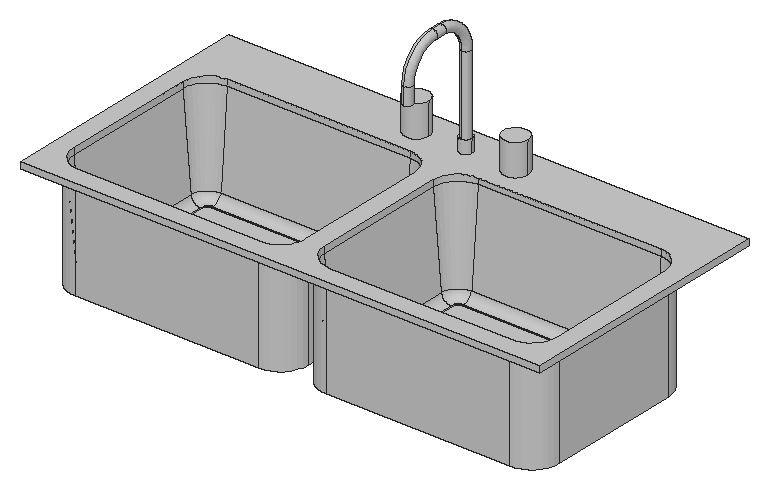
Revit family "Sink Kitchen-Double.rfa #", category Plumbing Fixtures, Revit 2023
Family settings
  Round Connector Dimension = Use Diameter
  Part Type = Normal
  Work Plane-Based = No
  Enable Cutting in Views = No
  Always vertical = Yes
  Cut with Voids When Loaded = No
  Maintain Annotation Orientation = No
  Shared = Yes
  Room Calculation Point = No
Parameters (values of type "42" x 21"")
  Default Elevation = 0' - 0"
  Assembly Code = "D2010410"
  Counter Height = 3' - 0"
  Depth = 1' - 9"
  Faucet Material = Steel, Polished
  Sink Material = Steel, Polished
  Width = 3' - 6"
Reference planes (in)
  plane 1 "Center (Front/Back)": y = -1.40766
  plane 2: z = 0
  plane 3 "Center (Left/Right)": x = 0.61769
  plane 4: y = 10.59234
  plane 5: y = -10.40766
  plane 6: x = -20.38231
  plane 7: x = 21.61769
  plane 8 "Top Of Counter": z = 36
  plane 9: z = 36.5
  plane 10: z = 27.5
  plane 11: y = 6.09234
  plane 12: x = -18.88231
  plane 13: y = -8.90766
  plane 14: x = 20.11769
  plane 15: x = -3.38231
  plane 16: x = 4.61769
  plane 17: y = 8.34234
  plane 18: y = 8.34234
  plane 19: y = 8.34234
  plane 20: z = 46.375
  plane 21: y = 2.46734
  plane 22: z = 39
  plane 23: z = 37.5
  plane 24: x = -0.13231
  plane 25: x = 1.36769
  plane 26: x = -9.13231
  plane 27: x = 10.36769
  plane 28: z = 27.875
Forms (in)
  Extrusion 1, solid, material "Steel, Polished" <- "Sink Material"
    sketch origin (0, 0, 0) x (1, 0, 0) y (0, 1, 0)
      loop
        line (-20.38231, 10.59234) -> (-20.38231, -10.40766) -> (21.61769, -10.40766) -> (21.61769, 10.59234) -> (-20.38231, 10.59234)
      loop
        arc (-16.88231, 6.09234) -> (-18.29653, 5.50655) -> (-18.88231, 4.09234) r 2
        line (-18.88231, 4.09234) -> (-18.88231, -6.90766)
        arc (-18.88231, -6.90766) -> (-18.29653, -8.32187) -> (-16.88231, -8.90766) r 2
        line (-16.88231, -8.90766) -> (-2.13231, -8.90766)
        arc (-2.13231, -8.90766) -> (-0.7181, -8.32187) -> (-0.13231, -6.90766) r 2
        line (-0.13231, -6.90766) -> (-0.13231, 4.09234)
        arc (-0.13231, 4.09234) -> (-0.7181, 5.50655) -> (-2.13231, 6.09234) r 2
        line (-2.13231, 6.09234) -> (-16.88231, 6.09234)
      loop
        arc (18.11769, -8.90766) -> (19.5319, -8.32187) -> (20.11769, -6.90766) r 2
        line (20.11769, -6.90766) -> (20.11769, 4.09234)
        arc (20.11769, 4.09234) -> (19.5319, 5.50655) -> (18.11769, 6.09234) r 2
        line (18.11769, 6.09234) -> (3.36769, 6.09234)
        arc (3.36769, 6.09234) -> (1.95347, 5.50655) -> (1.36769, 4.09234) r 2
        line (1.36769, 4.09234) -> (1.36769, -6.90766)
        arc (1.36769, -6.90766) -> (1.95347, -8.32187) -> (3.36769, -8.90766) r 2
        line (3.36769, -8.90766) -> (18.11769, -8.90766)
    from 36 to 36.5
  Sweep 2, solid, material "Steel, Polished" <- "Sink Material"
    path origin (0, 0, 0) x (1, 0, 0) y (0, 1, 0)
      loop
        arc (-16.88231, 6.09234) -> (-18.29653, 5.50655) -> (-18.88231, 4.09234) r 2
        line (-18.88231, 4.09234) -> (-18.88231, -6.90766)
        arc (-18.88231, -6.90766) -> (-18.29653, -8.32187) -> (-16.88231, -8.90766) r 2
        line (-16.88231, -8.90766) -> (-2.13231, -8.90766)
        arc (-2.13231, -8.90766) -> (-0.7181, -8.32187) -> (-0.13231, -6.90766) r 2
        line (-0.13231, -6.90766) -> (-0.13231, 4.09234)
        arc (-0.13231, 4.09234) -> (-0.7181, 5.50655) -> (-2.13231, 6.09234) r 2
        line (-2.13231, 6.09234) -> (-16.88231, 6.09234)
    profile origin (-9.50731, 0, 0) x (0, 1, 0) y (0, 0, 1)
      loop
        line (6.09234, 36) -> (5.44139, 28.55963)
        arc (5.44139, 28.55963) -> (5.20094, 28.07204) -> (4.69424, 27.875) r 0.75
        line (4.69424, 27.875) -> (4.59234, 27.875) -> (4.59234, 27.5) -> (6.34234, 27.5) -> (6.34234, 36) -> (6.09234, 36)
  Extrusion 3, solid, material "Steel, Polished" <- "Sink Material"
    sketch origin (0, 0, 0) x (1, 0, 0) y (0, 1, 0)
      loop
        arc (-16.88231, 4.59234) -> (-17.23587, 4.44589) -> (-17.38231, 4.09234) r 0.5
        line (-17.38231, 4.09234) -> (-17.38231, -6.90766)
        arc (-17.38231, -6.90766) -> (-17.23587, -7.26121) -> (-16.88231, -7.40766) r 0.5
        line (-16.88231, -7.40766) -> (-2.13231, -7.40766)
        arc (-2.13231, -7.40766) -> (-1.77876, -7.26121) -> (-1.63231, -6.90766) r 0.5
        line (-1.63231, -6.90766) -> (-1.63231, 4.09234)
        arc (-1.63231, 4.09234) -> (-1.77876, 4.44589) -> (-2.13231, 4.59234) r 0.5
        line (-2.13231, 4.59234) -> (-16.88231, 4.59234)
      loop
        circle (-9.13231, -1.40766) r 1
    from 27.5 to 27.875
  Extrusion 4, solid, material "Steel, Polished" <- "Faucet Material"
    sketch origin (0, 0, 0) x (1, 0, 0) y (0, 1, 0)
      loop
        circle (-3.38231, 8.34234) r 1
      loop
        circle (4.61769, 8.34234) r 1
    from 36.5 to 39
  Sweep 5, solid, material "Steel, Polished" <- "Faucet Material"
    path origin (0.61769, 0, 0) x (0, 1, 0) y (0, 0, 1)
      loop
        line (8.34234, 36.5) -> (8.34234, 43.875)
        arc (8.34234, 43.875) -> (7.61011, 45.64277) -> (5.84234, 46.375) r 2.5
        line (5.84234, 46.375) -> (4.96734, 46.375)
        arc (4.96734, 46.375) -> (3.19957, 45.64277) -> (2.46734, 43.875) r 2.5
        line (2.46734, 43.875) -> (2.46734, 42.5)
    profile origin (0.61769, 0, 40.1875) x (0, -1, 0) y (1, 0, 0)
      loop
        circle (-8.34234, 0) r 0.375
  Extrusion 6, solid, material "Steel, Polished" <- "Faucet Material"
    sketch origin (0, 0, 0) x (1, 0, 0) y (0, 1, 0)
      loop
        circle (0.61769, 8.34234) r 0.5
    from 36.5 to 37.5
  Sweep 7, solid, material "Steel, Polished" <- "Sink Material"
    path origin (1.23537, 0, 0) x (-1, 0, 0) y (0, -1, 0)
      loop
        line (-16.88231, -6.09234) -> (-2.13231, -6.09234)
        arc (-2.13231, -6.09234) -> (-0.7181, -5.50655) -> (-0.13231, -4.09234) r 2
        line (-0.13231, -4.09234) -> (-0.13231, 6.90766)
        arc (-0.13231, 6.90766) -> (-0.7181, 8.32187) -> (-2.13231, 8.90766) r 2
        line (-2.13231, 8.90766) -> (-16.88231, 8.90766)
        arc (-16.88231, 8.90766) -> (-18.29653, 8.32187) -> (-18.88231, 6.90766) r 2
        line (-18.88231, 6.90766) -> (-18.88231, -4.09234)
        arc (-18.88231, -4.09234) -> (-18.29653, -5.50655) -> (-16.88231, -6.09234) r 2
    profile origin (10.74269, 0, 0) x (0, -1, 0) y (0, 0, 1)
      loop
        line (-6.09234, 36) -> (-6.34234, 36) -> (-6.34234, 27.5) -> (-4.59234, 27.5) -> (-4.59234, 27.875) -> (-4.69424, 27.875)
        arc (-4.69424, 27.875) -> (-5.20094, 28.07204) -> (-5.44139, 28.55963) r 0.75
        line (-5.44139, 28.55963) -> (-6.09234, 36)
  Extrusion 8, solid, material "Steel, Polished" <- "Sink Material"
    sketch origin (0, 0, 0) x (1, 0, 0) y (0, 1, 0)
      loop
        arc (3.36769, 4.69424) -> (3.01413, 4.5478) -> (2.86769, 4.19424) r 0.5
        line (2.86769, 4.19424) -> (2.86769, -6.90766)
        arc (2.86769, -6.90766) -> (3.01413, -7.26121) -> (3.36769, -7.40766) r 0.5
        line (3.36769, -7.40766) -> (18.11769, -7.40766)
        arc (18.11769, -7.40766) -> (18.47124, -7.26121) -> (18.61769, -6.90766) r 0.5
        line (18.61769, -6.90766) -> (18.61769, 4.19424)
        arc (18.61769, 4.19424) -> (18.47124, 4.5478) -> (18.11769, 4.69424) r 0.5
        line (18.11769, 4.69424) -> (3.36769, 4.69424)
      loop
        circle (10.36769, -1.40766) r 1
    from 27.5 to 27.875
Cuts and joins
  joined: Extrusion 1, Sweep 2, Sweep 7
  joined: Sweep 5, Extrusion 6
Lines and regions (in)
  Masking region 1
    outline origin (0, 0, 36) x (0, -1, 0) y (1, 0, 0)
      loop
        line (-10.59234, -20.38231) -> (10.40766, -20.38231) -> (10.40766, 21.61769) -> (-10.59234, 21.61769) -> (-10.59234, -20.38231)
  symbolic lines
    curve 1: line (-18.88231, 4.09234, 36) -> (-18.88231, -6.90766, 36)
    curve 2: line (-16.88231, -8.90766, 36) -> (-2.13231, -8.90766, 36)
    curve 3: line (20.11769, -6.90766, 36) -> (20.11769, 4.09234, 36)
    curve 4: line (18.11769, 6.09234, 36) -> (3.36769, 6.09234, 36)
    curve 5: arc (20.11769, 4.09234, 36) -> (19.5319, 5.50655, 36) -> (18.11769, 6.09234, 36) r 2
    curve 6: arc (18.11769, -8.90766, 36) -> (19.5319, -8.32187, 36) -> (20.11769, -6.90766, 36) r 2
    curve 7: arc (-18.88231, -6.90766, 36) -> (-18.29653, -8.32187, 36) -> (-16.88231, -8.90766, 36) r 2
    curve 8: arc (-16.88231, 6.09234, 36) -> (-18.29653, 5.50655, 36) -> (-18.88231, 4.09234, 36) r 2
    curve 9: arc (1.11769, 8.34234, 36) -> (0.61769, 8.84234, 36) -> (0.11769, 8.34234, 36) r 0.5
    curve 10: line (0.11769, 8.34234, 36) -> (0.11769, 0.59234, 36)
    curve 11: line (1.11769, 8.34234, 36) -> (1.11769, 0.59234, 36)
    curve 12: arc (1.11769, 0.59234, 36) -> (0.61769, 0.09234, 36) -> (0.11769, 0.59234, 36) r 0.5
    curve 13: line (-0.13231, 4.09234, 36) -> (-0.13231, -6.90766, 36)
    curve 14: line (1.36769, 4.09234, 36) -> (1.36769, -6.90766, 36)
    curve 15: line (3.36769, -8.90766, 36) -> (18.11769, -8.90766, 36)
    curve 16: line (-2.13231, 6.09234, 36) -> (-16.88231, 6.09234, 36)
    curve 17: arc (3.36769, 6.09234, 36) -> (1.95347, 5.50655, 36) -> (1.36769, 4.09234, 36) r 2
    curve 18: arc (1.36769, -6.90766, 36) -> (1.95347, -8.32187, 36) -> (3.36769, -8.90766, 36) r 2
    curve 19: arc (-0.13231, -6.90766, 36) -> (-0.7181, -8.32187, 36) -> (-2.13231, -8.90766, 36) r 2
    curve 20: arc (-0.13231, 4.09234, 36) -> (-0.7181, 5.50655, 36) -> (-2.13231, 6.09234, 36) r 2
    curve 21: arc (-10.13231, -1.40766, 36) -> (-9.13231, -0.40766, 36) -> (-8.13231, -1.40766, 36) r 1
    curve 22: arc (-8.13231, -1.40766, 36) -> (-9.13231, -2.40766, 36) -> (-10.13231, -1.40766, 36) r 1
    curve 23: arc (9.36769, -1.40766, 36) -> (10.36769, -0.40766, 36) -> (11.36769, -1.40766, 36) r 1
    curve 24: arc (11.36769, -1.40766, 36) -> (10.36769, -2.40766, 36) -> (9.36769, -1.40766, 36) r 1
    curve 25: arc (-4.38231, 8.34234, 36) -> (-3.38231, 7.34234, 36) -> (-2.38231, 8.34234, 36) r 1
    curve 26: arc (-2.38231, 8.34234, 36) -> (-3.38231, 9.34234, 36) -> (-4.38231, 8.34234, 36) r 1
    curve 27: arc (3.61769, 8.34234, 36) -> (4.61769, 7.34234, 36) -> (5.61769, 8.34234, 36) r 1
    curve 28: arc (5.61769, 8.34234, 36) -> (4.61769, 9.34234, 36) -> (3.61769, 8.34234, 36) r 1
Dimensions and locks (in)
  equal spacing: plane 6, plane 3 "Center (Left/Right)", plane 7
  "Width": plane 6 to plane 7
  "Depth": plane 5 to plane 4
  "Counter Height": plane 8 "Top Of Counter" to plane 2
  locked: plane 9 to plane 8 "Top Of Counter" at 0.5
  locked: plane 8 "Top Of Counter" to plane 10 at 8.5
  locked: plane 6 to plane 12 at 1.5
  locked: plane 14 to plane 7 at 1.5
  locked: plane 11 to plane 4 at 4.5
  locked: plane 5 to plane 13 at 1.5
  equal spacing: plane 11, plane 17, plane 4
  equal spacing: plane 11, plane 18, plane 4
  equal spacing: plane 4, plane 19, plane 11
  locked: plane 19 to plane 21 at 5.875
  locked: plane 20 to plane 9 at 9.875
  locked: plane 22 to plane 9 at 2.5
  locked: plane 23 to plane 9 at 1
  plane 24 to plane 3 "Center (Left/Right)" to plane 25 = 0' - 0 3/4" locked, 0' - 0 3/4" locked
  equal spacing: plane 12, plane 26, plane 3 "Center (Left/Right)"
  equal spacing: plane 3 "Center (Left/Right)", plane 27, plane 14
  equal spacing: plane 13, plane 1 "Center (Front/Back)", plane 11
  locked: plane 15 to plane 3 "Center (Left/Right)" at 4
  locked: plane 3 "Center (Left/Right)" to plane 16 at 4
  locked: plane 28 to plane 10 at 0.375
  aligned and locked: Extrusion 1 sketch curve to plane 5
  aligned and locked: plane 7 to Extrusion 1 sketch curve
  aligned and locked: plane 4 to Extrusion 1 sketch curve
  aligned and locked: Extrusion 1 sketch curve to plane 6
  aligned and locked: plane 8 "Top Of Counter" to Extrusion 1
  aligned and locked: Extrusion 1 to plane 9
  aligned and locked: plane 11 to Extrusion 1 sketch curve
  aligned and locked: plane 14 to Extrusion 1 sketch curve
  aligned and locked: Extrusion 1 sketch curve to plane 12
  aligned and locked: Extrusion 1 sketch curve to plane 13
  aligned and locked: plane 11 to Sweep 2 sketch curve
  aligned and locked: Sweep 2 sketch curve to plane 12
  aligned and locked: Sweep 2 sketch curve to plane 13
  aligned and locked: Sweep 2 to Extrusion 3 sketch curve  (x4)
  aligned and locked: plane 10 to Extrusion 3
  aligned and locked: Sweep 2 sketch curve to plane 10
  aligned and locked: plane 8 "Top Of Counter" to Sweep 2 sketch curve
  aligned and locked: Extrusion 4 to Extrusion 1
  aligned and locked: Extrusion 6 to Extrusion 1
  aligned and locked: Sweep 5 sketch curve to plane 19
  aligned and locked: plane 20 to Sweep 5 sketch curve
  aligned and locked: plane 21 to Sweep 5 sketch curve
  aligned and locked: Extrusion 4 to plane 22
  aligned and locked: Extrusion 6 to plane 23
  aligned and locked: Sweep 2 sketch curve to Extrusion 1
  aligned and locked: Sweep 7 sketch curve to plane 14
  aligned and locked: Sweep 7 sketch curve to Extrusion 1
  aligned and locked: Sweep 7 sketch curve to plane 11
  aligned and locked: plane 13 to Sweep 7 sketch curve
  aligned and locked: plane 10 to Extrusion 8
  aligned and locked: curve 21 to Extrusion 3
  aligned and locked: curve 23 to Extrusion 8
  aligned and locked: Extrusion 8 sketch curve to Sweep 7
  aligned and locked: Sweep 7 sketch curve to plane 8 "Top Of Counter"
  aligned and locked: plane 10 to Sweep 7 sketch curve
  aligned and locked: plane 4 to Masking region 1 sketch curve
  aligned and locked: plane 7 to Masking region 1 sketch curve
  aligned and locked: Masking region 1 sketch curve to plane 5
  aligned and locked: Masking region 1 sketch curve to plane 6
  aligned and locked: plane 15 to Extrusion 4 sketch curve
  aligned and locked: plane 17 to Extrusion 4 sketch curve  (x2)
  aligned and locked: plane 16 to Extrusion 4 sketch curve
  aligned and locked: curve 25 to Extrusion 4
  aligned and locked: curve 27 to Extrusion 4
  aligned and locked: Extrusion 3 to plane 28
  aligned and locked: Extrusion 8 to plane 28
Automatic sketch dimensions
  Sweep 2 sketch curve to profile plane = 0' - 0"
  profile plane to Sweep 2 sketch curve = 0' - 0.65095"
  Sweep 2 sketch curve to Sweep 2 sketch curve = 0' - 0.74715"
  Sweep 2 sketch curve to Sweep 2 sketch curve = 0' - 0.10191"
  Sweep 2 sketch curve to profile plane = 0' - 0 1/4"
  Sweep 2 sketch curve to Sweep 2 sketch curve = 0' - 0 3/8"
  Sweep 2 sketch curve to Sweep 2 sketch curve = 0' - 0.68463"
  plane 15 to Extrusion 4 sketch curve = 0' - 1"
  plane 16 to Extrusion 4 sketch curve = 0' - 1"
  Sweep 5 sketch curve to plane 3 "Center (Left/Right)" = 0' - 0"
  Sweep 5 sketch curve to profile plane = 0' - 0"
  profile plane to Sweep 5 sketch curve = 0' - 0 3/8"
  Extrusion 6 sketch curve to plane 18 = 0' - 0"
  Extrusion 6 sketch curve to plane 3 "Center (Left/Right)" = 0' - 0"
  Extrusion 6 sketch curve to plane 3 "Center (Left/Right)" = 0' - 0 1/2"
  Sweep 5 sketch curve to plane 9 = 0' - 0"
  Sweep 5 sketch curve to Sweep 5 sketch curve = 0' - 2 1/2"
  plane 11 to Sweep 5 sketch curve = 0' - 0 1/4"
  Sweep 5 sketch curve to Sweep 5 sketch curve = 0' - 1 3/8"
  Extrusion 1 sketch curve to plane 13 = 0' - 0"
  Extrusion 1 sketch curve to plane 24 = 0' - 0"
  Extrusion 1 sketch curve to plane 25 = 0' - 0"
  Extrusion 1 sketch curve to plane 11 = 0' - 0"
  Extrusion 1 sketch curve to plane 12 = 0' - 2"  (x2)
  Extrusion 1 sketch curve to plane 3 "Center (Left/Right)" = 0' - 2 3/4"  (x2)
  plane 3 "Center (Left/Right)" to Extrusion 1 sketch curve = 0' - 2 3/4"  (x2)
  plane 14 to Extrusion 1 sketch curve = 0' - 2"
  Extrusion 1 sketch curve to Extrusion 1 sketch curve = 0' - 2"
  Sweep 2 sketch curve to plane 12 = 0' - 2"  (x2)
  Sweep 2 sketch curve to plane 3 "Center (Left/Right)" = 0' - 2 3/4"  (x2)
  plane 14 to Sweep 7 sketch curve = 0' - 2"  (x2)
  Sweep 7 sketch curve to Sweep 7 sketch curve = 0' - 2"
  plane 3 "Center (Left/Right)" to Sweep 7 sketch curve = 0' - 2 3/4"
  Extrusion 3 sketch curve to plane 1 "Center (Front/Back)" = 0' - 0"
  Extrusion 3 sketch curve to plane 26 = 0' - 0"
  Extrusion 3 sketch curve to Extrusion 3 sketch curve = 0' - 0 1/2"  (x4)
  plane 26 to Extrusion 3 sketch curve = 0' - 1"
  Extrusion 8 sketch curve to plane 1 "Center (Front/Back)" = 0' - 0"
  Extrusion 8 sketch curve to plane 27 = 0' - 0"
  plane 27 to Extrusion 8 sketch curve = 0' - 1"
  plane 3 "Center (Left/Right)" to Extrusion 8 sketch curve = 0' - 2 3/4"  (x2)
  Extrusion 8 sketch curve to Extrusion 8 sketch curve = 0' - 0 1/2"  (x2)
  plane 11 to Extrusion 8 sketch curve = 0' - 1.89809"
  Extrusion 8 sketch curve to plane 13 = 0' - 2"
  plane 7 to Extrusion 8 sketch curve = 0' - 3 1/2"
  Sweep 7 sketch curve to profile plane = 0' - 0"
  profile plane to Sweep 7 sketch curve = 0' - 0 1/4"
  Sweep 7 sketch curve to profile plane = 0' - 0.65095"
  Sweep 7 sketch curve to Sweep 7 sketch curve = 0' - 0.74715"
  Sweep 7 sketch curve to Sweep 7 sketch curve = 0' - 0.10191"
  Sweep 7 sketch curve to Sweep 7 sketch curve = 0' - 0.06537"
  Sweep 7 sketch curve to Sweep 7 sketch curve = 0' - 1.05963"
  curve 20 to plane 11 = 0' - 0"
  curve 17 to plane 11 = 0' - 0"
  curve 5 to plane 14 = 0' - 0"
  curve 1 to plane 12 = 0' - 0"
  curve 12 to plane 3 "Center (Left/Right)" = 0' - 0"
  curve 7 to plane 13 = 0' - 0"
  curve 18 to plane 13 = 0' - 0"
  plane 4 to curve 11 = 0' - 2 1/4"
  plane 11 to curve 5 = 0' - 2"
  plane 11 to curve 8 = 0' - 2"
  curve 13 to plane 3 "Center (Left/Right)" = 0' - 0 3/4"
  curve 14 to curve 13 = 0' - 0"
  curve 11 to plane 1 "Center (Front/Back)" = 0' - 2"
  plane 3 "Center (Left/Right)" to curve 14 = 0' - 0 3/4"
  curve 14 to plane 13 = 0' - 2"
  curve 13 to curve 14 = 0' - 0"
  curve 1 to plane 13 = 0' - 2"
  curve 6 to plane 13 = 0' - 2"
  curve 9 to plane 3 "Center (Left/Right)" = 0' - 0 1/2"
  curve 4 to curve 27 = 0' - 0 1/4"
Connectors (in)
  piping at (-3.38231, 8.34234, 36.5), diameter 1.5
    settings: on Extrusion 4, index 1, connector inside diameter 24", connector length 0' - 0", flow factor 0, pipe flow 0 GPM, pressure drop 8.00 psi, fitting loss kfactor 0, connector angle 0.00°, fixture units 1.5, engagement length 0' - 0", angle of deflection 0.00°, flow configuration 3, flow direction 1, fitting loss method 4, system type 19, joint type 0, gender type 0, connector reference index -1, connector utility 0, adjustable connector no, is connector primary yes, connector description ""
  piping at (4.61769, 8.34234, 36.5), diameter 1.5
    settings: on Extrusion 4, index 2, connector inside diameter 24", connector length 0' - 0", flow factor 0, pipe flow 0 GPM, pressure drop 8.00 psi, fitting loss kfactor 0, connector angle 0.00°, fixture units 1.5, engagement length 0' - 0", angle of deflection 0.00°, flow configuration 3, flow direction 1, fitting loss method 4, system type 20, joint type 0, gender type 0, connector reference index -1, connector utility 0, adjustable connector no, is connector primary no, connector description ""
  piping at (-9.13231, -1.40766, 27.5), diameter 2
    settings: on Extrusion 3, index 3, connector inside diameter 24", connector length 0' - 0", flow factor 0, pipe flow 0 GPM, pressure drop 8.00 psi, fitting loss kfactor 0, connector angle 0.00°, fixture units 1.5, engagement length 0' - 0", angle of deflection 0.00°, flow configuration 3, flow direction 1, fitting loss method 4, system type 16, joint type 0, gender type 0, connector reference index -1, connector utility 0, adjustable connector no, is connector primary no, connector description ""
